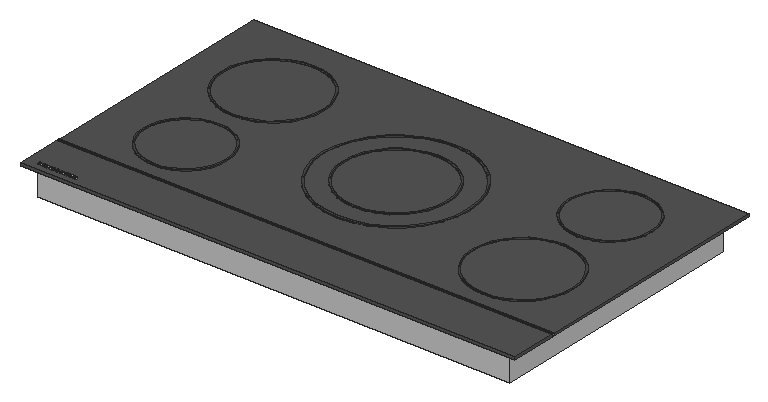
Revit family "FP_Revit_18_CI905DTB2_Cooktop_90000853A", category Specialty Equipment, Revit 2018
Family settings
  Round Connector Dimension = Use Diameter
  Part Type = Normal
  OmniClass Number = 23.40.40.14.17.11
  OmniClass Title = Cookers, Ovens, Stoves
  Work Plane-Based = No
  Always vertical = Yes
  Cut with Voids When Loaded = Yes
  Shared = No
  Room Calculation Point = No
Parameters
  Visibility - Clearance Required = yes
  URL = "www.fisherpaykel.com"
  Product - Width = 899 mm  # constant formula
  Product - Height = 54 mm  # constant formula
  Product - Depth = 530 mm  # constant formula
  Model = "CI905DTB2"
  Material - Trim = Fisher & Paykel - Steel, Chrome Plated
  Material - Graphics = Fisher & Paykel - Black, Matte
  Material - Cooktop = Fisher & Paykel - Glass, Black
  Material - Body = Fisher & Paykel - Grey
  Manufacturer = "Fisher & Paykel Appliances"
  FFL Offset [instance] = 900 mm
  Description = "90cm Induction Cooktop"
  Connector Note - Electrical = "220-240 V, 48 A, 50 Hz,"
  Clearance - Side Combustible = 25 mm  # constant formula
  Clearance - Rear Combustible = 30 mm  # constant formula
  Clearance - Overhead Rangehood = 650 mm  # constant formula
  Clearance - Below = 65 mm  # constant formula
  Chassis - Width = 858 mm  # constant formula
  Chassis - Height = 49 mm  # constant formula
  Chassis - Depth = 484 mm  # constant formula
  Cavity - Width = 870 mm  # constant formula
  Cavity - Height = 65 mm  # constant formula
  Cavity - Depth = 494 mm  # constant formula
Reference planes
  plane 1 "Datum": y = 0
  plane 2: z = 0
  plane 3 "Center (Left/Right)": x = 0
  plane 4 "Product LHS": x = -449.5
  plane 5 "Product RHS": x = 449.5
  plane 6 "Product - Depth": y = 530
  plane 7 "Cavity LHS": x = -435
  plane 8 "Cavity RHS": x = 435
  plane 9 "Cavity - Depth": y = 501.2
  plane 10 "Chassis Front": y = 13.2
  plane 11 "Chassis - Depth": y = 497.2
  plane 12 "Cavity - Front": y = 7.2
  plane 13 "Basepan": z = 851
  plane 14 "Benchtop": z = 900
  plane 15 "Glass": z = 905
Forms (mm)
  Extrusion 1, solid, material "Fisher & Paykel - Glass, Black" <- "Material - Cooktop"
    sketch origin (0, 0, 0) x (0, 1, 0) y (0, 0, 1)
      loop
        line (0, 905) -> (0, 901) -> (85, 901) -> (85, 905) -> (0, 905)
      loop
        line (530, 905) -> (88, 905) -> (88, 901) -> (530, 901) -> (530, 905)
    from -449.5 to 449.5
  Extrusion 2, solid, material "Fisher & Paykel - Clearance Required (Cutout)", visible <- "Visibility - Clearance Required", detail levels coarse
    sketch origin (0, 24.768, 0) x (1, 0, 0) y (0, 1, 0)
      loop
        line (-435, 476.432) -> (-435, -17.568) -> (435, -17.568) -> (435, 476.432) -> (-435, 476.432)
    from 835 to 900
  Extrusion 3, solid, material "Fisher & Paykel - Clearance Required (Rangehood)", detail levels coarse
    sketch origin (0, 0, 0) x (1, 0, 0) y (0, 1, 0)
      loop
        line (-460, 0) -> (460, 0) -> (460, 531.2) -> (-460, 531.2) -> (-460, 0)
    from 905 to 1555
  Extrusion 4, solid, material "Fisher & Paykel - Grey" <- "Material - Body"
    sketch origin (0, 0, 0) x (0, 1, 0) y (0, 0, 1)
      loop
        line (497.2, 851) -> (497.2, 900) -> (13.2, 900) -> (13.2, 851) -> (497.2, 851)
    from -429 to 429
  Extrusion 5, solid, material "Fisher & Paykel - Grey" <- "Material - Body"
    sketch origin (-151, 0, 0) x (1, 0, 0) y (0, 1, 0)
      loop
        line (-287, 520.2) -> (-287, 8.39) -> (589, 8.39) -> (589, 520.2) -> (-287, 520.2)
    from 900 to 901
  Extrusion 6, solid, material "Fisher & Paykel - Black, Matte" <- "Material - Graphics", detail levels fine
    sketch origin (0, 0, 0) x (1, 0, 0) y (0, 1, 0)
      loop
        circle (-300.063, 387.154) r 89.8
      loop
        circle (-300.063, 387.154) r 92
      loop
        circle (-300.063, 188.864) r 73.3
      loop
        circle (-300.063, 188.864) r 75.5
      loop
        circle (0.015, 291.641) r 130.985
      loop
        circle (0.015, 291.641) r 134.195
      loop
        circle (0.015, 291.641) r 92.736
      loop
        circle (0.015, 291.641) r 95.295
      loop
        circle (299.821, 403.763) r 73.415
      loop
        circle (299.821, 403.763) r 75.53
      loop
        circle (299.821, 205.353) r 89.789
      loop
        circle (299.821, 205.353) r 91.854
    from 905 to 906
  Extrusion 7, solid, material "Fisher & Paykel - Grey" <- "Material - Body", detail levels fine
    sketch origin (0, 0, 0) x (1, 0, 0) y (0, 1, 0)
      loop
        circle (0, 477.2) r 5
    from 845 to 851
  Extrusion 8, void
    sketch origin (0, 24.768, 0) x (1, 0, 0) y (0, 1, 0)
      loop
        line (-435, 476.432) -> (-435, -17.568) -> (435, -17.568) -> (435, 476.432) -> (-435, 476.432)
    from 835 to 900
  Extrusion 9, solid, material "Fisher & Paykel - Steel, Chrome Plated" <- "Material - Trim", detail levels medium+fine
    sketch origin (0, 0, 0) x (0, 1, 0) y (0, 0, 1)
      loop
        line (85, 901) -> (88, 901) -> (88, 906) -> (85, 906) -> (85, 901)
    from -449.5 to 449.5
Text (mm)
  text "Due to ongoing product development, product details are subject to change without notice. \nPlease always refer to www.fisherpaykel.com for the most current product information. \n© Fisher & Paykel 2020" at (41.04, -102.478, 0), in view "Ref. Level (Plan)"
Dimensions and locks
  equal spacing: plane 4 "Product LHS", plane 3 "Center (Left/Right)", plane 5 "Product RHS"
  "Product - Width": plane 4 "Product LHS" to plane 5 "Product RHS"
  equal spacing: plane 7 "Cavity LHS", plane 3 "Center (Left/Right)", plane 8 "Cavity RHS"
  "Cavity - Width": plane 7 "Cavity LHS" to plane 8 "Cavity RHS"
  "Product - Depth": Extrusion 1 to plane 1 "Datum"
  equal spacing: Extrusion 4, plane 3 "Center (Left/Right)", Extrusion 4
  "Chassis - Width": Extrusion 4 to Extrusion 4
  equal spacing: Extrusion 5, plane 3 "Center (Left/Right)", Extrusion 5
  locked: plane 1 "Datum" to plane 10 "Chassis Front" at 13.2
  plane 10 "Chassis Front" to plane 12 "Cavity - Front" = 6 mm
  "Cavity - Depth": plane 9 "Cavity - Depth" to plane 12 "Cavity - Front"
  "Chassis - Depth": plane 11 "Chassis - Depth" to plane 10 "Chassis Front"
  locked: plane 15 "Glass" to plane 14 "Benchtop" at 5
  "Chassis - Height": plane 14 "Benchtop" to plane 13 "Basepan"
  "FFL Offset": plane 14 "Benchtop" to level
  "Clearance - Below": plane 14 "Benchtop" to Extrusion 2
  locked: plane 15 "Glass" to Extrusion 1 sketch curve at 4
  locked: nested 1 to plane 15 "Glass" at 0.8
  locked: Extrusion 6 to plane 15 "Glass" at 1
  locked: Extrusion 7 to plane 14 "Benchtop" at 55
  "Clearance - Side Combustible": Extrusion 3 to plane 7 "Cavity LHS"
  "Clearance - Side Combustible": plane 8 "Cavity RHS" to Extrusion 3
  "Clearance - Rear Combustible": Extrusion 3 to plane 9 "Cavity - Depth"
  "Clearance - Overhead Rangehood": Extrusion 3 to plane 15 "Glass"
  locked: Extrusion 9 sketch curve to plane 15 "Glass" at 1
  aligned and locked: level to plane 2
  aligned and locked: Extrusion 1 to plane 5 "Product RHS"
  aligned and locked: plane 4 "Product LHS" to Extrusion 1
  aligned and locked: plane 9 "Cavity - Depth" to Extrusion 2
  aligned and locked: plane 11 "Chassis - Depth" to Extrusion 4
  aligned and locked: Extrusion 4 to Extrusion 5
  aligned and locked: Extrusion 7 to Extrusion 4
  aligned and locked: Extrusion 3 to plane 15 "Glass"
  aligned and locked: plane 14 "Benchtop" to Extrusion 2
  aligned and locked: Extrusion 1 sketch curve to plane 15 "Glass"
  aligned and locked: Extrusion 5 to Extrusion 2
  aligned and locked: Extrusion 4 to plane 13 "Basepan"
  aligned and locked: Extrusion 1 to Extrusion 6
  aligned and locked: Extrusion 8 to Extrusion 2  (x2)
  aligned and locked: Extrusion 3 to Extrusion 1
  aligned and locked: Extrusion 1 sketch curve to Extrusion 1 sketch curve
  aligned and locked: Extrusion 5 to Extrusion 1
Automatic sketch dimensions
  Extrusion 2 sketch curve to plane 12 "Cavity - Front" = 0 mm
  plane 9 "Cavity - Depth" to Extrusion 2 sketch curve = 0 mm
  plane 7 "Cavity LHS" to Extrusion 2 sketch curve = 0 mm
  Extrusion 2 sketch curve to plane 8 "Cavity RHS" = 0 mm
  plane 1 "Datum" to Extrusion 3 sketch curve = 0 mm
  plane 6 "Product - Depth" to Extrusion 3 sketch curve = 1.2 mm
  plane 4 "Product LHS" to Extrusion 3 sketch curve = 10.5 mm
  Extrusion 3 sketch curve to plane 5 "Product RHS" = 10.5 mm
  Extrusion 4 sketch curve to plane 10 "Chassis Front" = 0 mm
  Extrusion 4 sketch curve to plane 11 "Chassis - Depth" = 0 mm
  Extrusion 4 sketch curve to plane 13 "Basepan" = 0 mm
  Extrusion 4 sketch curve to plane 14 "Benchtop" = 0 mm
  plane 12 "Cavity - Front" to Extrusion 5 sketch curve = 1.189 mm
  plane 7 "Cavity LHS" to Extrusion 5 sketch curve = 3 mm
  Extrusion 5 sketch curve to plane 8 "Cavity RHS" = 3 mm
  Extrusion 5 sketch curve to plane 6 "Product - Depth" = 9.8 mm
  Extrusion 7 sketch curve to plane 3 "Center (Left/Right)" = 0 mm
  Extrusion 7 sketch curve to plane 11 "Chassis - Depth" = 20 mm
  Extrusion 8 sketch curve to plane 12 "Cavity - Front" = 0 mm
  plane 9 "Cavity - Depth" to Extrusion 8 sketch curve = 0 mm
  plane 7 "Cavity LHS" to Extrusion 8 sketch curve = 0 mm
  Extrusion 8 sketch curve to plane 8 "Cavity RHS" = 0 mm
  plane 10 "Chassis Front" to Extrusion 9 sketch curve = 71.8 mm
  Extrusion 9 sketch curve to Extrusion 9 sketch curve = 3 mm
  plane 14 "Benchtop" to Extrusion 9 sketch curve = 1 mm
  Extrusion 1 sketch curve to plane 1 "Datum" = 0 mm
  Extrusion 1 sketch curve to plane 15 "Glass" = 0 mm
  Extrusion 1 sketch curve to plane 6 "Product - Depth" = 0 mm
  plane 10 "Chassis Front" to Extrusion 1 sketch curve = 71.8 mm
  Extrusion 1 sketch curve to Extrusion 1 sketch curve = 3 mm
  Extrusion 6 sketch curve to Extrusion 6 sketch curve = 0 mm  (x14)
  Extrusion 6 sketch curve to plane 7 "Cavity LHS" = 134.937 mm  (x2)
  plane 3 "Center (Left/Right)" to Extrusion 6 sketch curve = 0.015 mm
  plane 8 "Cavity RHS" to Extrusion 6 sketch curve = 135.179 mm  (x2)
  plane 10 "Chassis Front" to Extrusion 6 sketch curve = 175.664 mm
  plane 10 "Chassis Front" to Extrusion 6 sketch curve = 192.153 mm
  plane 10 "Chassis Front" to Extrusion 6 sketch curve = 278.441 mm
  Extrusion 6 sketch curve to plane 11 "Chassis - Depth" = 110.046 mm
  Extrusion 6 sketch curve to plane 11 "Chassis - Depth" = 93.437 mm
  radius of Extrusion 7 sketch curve = 5 mm
  radius of Extrusion 6 sketch curve = 89.8 mm
  radius of Extrusion 6 sketch curve = 92 mm
  radius of Extrusion 6 sketch curve = 73.3 mm
  radius of Extrusion 6 sketch curve = 75.5 mm
  radius of Extrusion 6 sketch curve = 130.985 mm
  radius of Extrusion 6 sketch curve = 134.195 mm
  radius of Extrusion 6 sketch curve = 92.736 mm
  radius of Extrusion 6 sketch curve = 95.295 mm
  radius of Extrusion 6 sketch curve = 73.415 mm
  radius of Extrusion 6 sketch curve = 75.53 mm
  radius of Extrusion 6 sketch curve = 89.789 mm
  radius of Extrusion 6 sketch curve = 91.854 mm
Nested families
  nested 1: "F&P Logo 70mm Horizontal" at (-394.001, 14.253, 905), type "F&P Logo 70mm Horizontal"
Connectors
  electrical at (0, 477.2, 845), driven by "Connector Note - Electrical"
    settings: on Extrusion 7, index 1, voltage 230 V, apparent load 0 VA, apparent load phase1 0 VA, apparent load phase2 0 VA, apparent load phase3 0 VA, power factor 1, load classification "Other", number of poles 1, system type 30, power factor state 1, is connector primary yes, connector utility no, sub classification motor no, connector description "220-240 V, 48 A, 50 Hz,"
Definition of nested family "F&P Logo 70mm Horizontal"
  Parameters (values of type "F&P Logo 70mm Horizontal")
    URL = "www.fisherpaykel.com"
    Material - Logo = none
    Manufacturer = "Fisher & Paykel Appliances"
  Reference planes
    plane 1 "Center (Front/Back)": y = 0
    plane 2: z = 0
    plane 3 "Center (Left/Right)": x = 0
  Forms (mm)
    Extrusion 1, solid, material <- "Material - Logo", detail levels fine
      sketch origin (0, 0, 0) x (1, 0, 0) y (0, 1, 0)
        loop
          line (-34.997, -0.356) -> (-33.895, -0.356) -> (-33.895, 1.141) -> (-32.174, 1.141) -> (-32.174, 2.075) -> (-33.895, 2.075) -> (-33.895, 2.943) -> (-32.023, 2.943) -> (-32.023, 3.872) -> (-34.997, 3.872) -> (-34.997, -0.356)
        loop
          line (-29.929, 3.872) -> (-29.929, -0.356) -> (-28.828, -0.356) -> (-28.828, 3.872) -> (-29.929, 3.872)
        loop
          line (-21.473, 3.872) -> (-21.473, -0.356) -> (-20.372, -0.356) -> (-20.372, 1.338) -> (-18.754, 1.338) -> (-18.754, -0.356) -> (-17.652, -0.356) -> (-17.652, 3.872) -> (-18.754, 3.872) -> (-18.754, 2.268) -> (-20.372, 2.268) -> (-20.372, 3.872) -> (-21.473, 3.872)
        loop
          line (-15.301, 3.872) -> (-15.301, -0.356) -> (-12.288, -0.356) -> (-12.288, 0.444) -> (-14.209, 0.444) -> (-14.209, 1.338) -> (-12.453, 1.338) -> (-12.453, 2.268) -> (-14.209, 2.268) -> (-14.209, 3.072) -> (-12.288, 3.072) -> (-12.288, 3.872) -> (-15.301, 3.872)
        loop
          line (32, 3.872) -> (32, -0.356) -> (35.003, -0.356) -> (35.003, 0.574) -> (33.102, 0.574) -> (33.102, 3.872) -> (32, 3.872)
        loop
          line (29.735, 3.872) -> (26.712, 3.872) -> (26.712, -0.356) -> (29.735, -0.356) -> (29.735, 0.444) -> (27.814, 0.444) -> (27.814, 1.338) -> (29.57, 1.338) -> (29.57, 2.268) -> (27.814, 2.268) -> (27.814, 3.072) -> (29.735, 3.072) -> (29.735, 3.872)
        loop
          line (23.449, 1.848) -> (25.012, 3.872) -> (23.724, 3.872) -> (22.374, 2.124) -> (22.374, 3.872) -> (21.273, 3.872) -> (21.273, -0.356) -> (22.374, -0.356) -> (22.374, 1.538) -> (23.765, -0.356) -> (25.067, -0.356) -> (23.449, 1.848)
        loop
          line (15.42, 3.872) -> (17.017, 1.338) -> (17.017, -0.356) -> (18.119, -0.356) -> (18.119, 1.283) -> (19.717, 3.872) -> (18.546, 3.872) -> (17.603, 2.239) -> (16.66, 3.872) -> (15.42, 3.872)
        loop
          line (12.969, 3.872) -> (11.922, 3.872) -> (10.2, -0.356) -> (11.282, -0.356) -> (11.585, 0.422) -> (13.278, 0.422) -> (13.581, -0.356) -> (14.69, -0.356) -> (12.969, 3.872)
        loop
          line (12.913, 1.352) -> (12.419, 2.566) -> (11.946, 1.352) -> (12.913, 1.352)
        loop
          line (5.556, 3.872) -> (5.556, -0.356) -> (6.653, -0.356) -> (6.653, 1.001) -> (7.453, 1.001)
          spline (7.453, 1.001) -> (7.884, 1.05) -> (8.285, 1.193) -> (8.63, 1.421) -> (8.895, 1.719) -> (9.061, 2.065) -> (9.118, 2.436) -> (9.061, 2.808) -> (8.895, 3.154) -> (8.63, 3.452) -> (8.285, 3.68) -> (7.884, 3.823) -> (7.453, 3.872)
          line (7.453, 3.872) -> (5.556, 3.872)
        loop
          spline (7.385, 1.882) -> (7.558, 1.9) -> (7.72, 1.953) -> (7.858, 2.037) -> (7.965, 2.147) -> (8.032, 2.275) -> (8.055, 2.412) -> (8.032, 2.55) -> (7.965, 2.677) -> (7.858, 2.787) -> (7.72, 2.872) -> (7.558, 2.924) -> (7.385, 2.943)
          line (7.385, 2.943) -> (6.585, 2.943) -> (6.585, 1.882) -> (7.385, 1.882)
        loop
          line (-8.294, 2.943) -> (-9.094, 2.943) -> (-9.094, 1.781) -> (-8.294, 1.781)
          spline (-8.294, 1.781) -> (-8.121, 1.801) -> (-7.96, 1.859) -> (-7.822, 1.951) -> (-7.716, 2.072) -> (-7.649, 2.212) -> (-7.626, 2.362) -> (-7.649, 2.512) -> (-7.716, 2.652) -> (-7.822, 2.772) -> (-7.96, 2.865) -> (-8.121, 2.923) -> (-8.294, 2.943)
        loop
          line (-8.214, 3.872) -> (-10.262, 3.872) -> (-10.262, -0.356) -> (-9.094, -0.356) -> (-9.094, 0.492) -> (-8.294, 0.492) -> (-7.647, -0.356) -> (-6.373, -0.356) -> (-7.445, 1.016)
          spline (-7.445, 1.016) -> (-7.148, 1.205) -> (-6.902, 1.45) -> (-6.72, 1.739) -> (-6.611, 2.058) -> (-6.58, 2.391) -> (-6.628, 2.723) -> (-6.754, 3.037) -> (-6.95, 3.317) -> (-7.208, 3.551) -> (-7.515, 3.726) -> (-7.856, 3.835) -> (-8.214, 3.872)
        loop
          line (0.368, 2.943) -> (0.368, 3.951) -> (-2.559, 3.951) -> (-2.559, 3.151) -> (-2.048, 2.522)
          spline (-2.048, 2.522) -> (-2.373, 2.187) -> (-2.606, 1.789) -> (-2.731, 1.355) -> (-2.74, 0.914) -> (-2.632, 0.497) -> (-2.414, 0.133) -> (-2.102, -0.155) -> (-1.716, -0.347) -> (-1.283, -0.429) -> (-0.832, -0.395) -> (-0.395, -0.249) -> (0, 0)
          line (0, 0) -> (0.504, -0.621) -> (1.644, -0.621) -> (0.602, 0.712) -> (1.591, 2.137) -> (0.459, 2.137) -> (0.003, 1.48) -> (-1.14, 2.943) -> (0.368, 2.943)
        loop
          spline (-1.353, 1.874) -> (-1.563, 1.673) -> (-1.729, 1.449) -> (-1.839, 1.217) -> (-1.886, 0.992) -> (-1.867, 0.792) -> (-1.783, 0.627) -> (-1.639, 0.511) -> (-1.447, 0.451) -> (-1.218, 0.451) -> (-0.968, 0.512) -> (-0.714, 0.628) -> (-0.475, 0.792)
          line (-0.475, 0.792) -> (-1.353, 1.874)
        loop
          arc (-25.449, 3.004) -> (-24.591, 2.949) -> (-23.808, 2.592) r 2.379
          line (-23.808, 2.592) -> (-23.808, 3.586)
          arc (-23.808, 3.586) -> (-24.619, 3.915) -> (-25.494, 3.936) r 2.437
          arc (-25.494, 3.936) -> (-26.617, 2.99) -> (-26.18, 1.588) r 1.327
          arc (-26.18, 1.588) -> (-25.746, 1.367) -> (-25.276, 1.236) r 2.46
          spline (-25.276, 1.236) -> (-25.124, 1.211) -> (-24.98, 1.158) -> (-24.856, 1.083) -> (-24.761, 0.989) -> (-24.703, 0.886) -> (-24.686, 0.78) -> (-24.713, 0.681) -> (-24.78, 0.596) -> (-24.882, 0.532) -> (-25.011, 0.494) -> (-25.158, 0.485) -> (-25.311, 0.505)
          arc (-25.311, 0.505) -> (-26.045, 0.647) -> (-26.714, 0.98) r 2.761
          line (-26.714, 0.98) -> (-26.714, -0.067)
          arc (-26.714, -0.067) -> (-25.66, -0.377) -> (-24.564, -0.318) r 3.237
          arc (-24.564, -0.318) -> (-23.597, 0.72) -> (-24.205, 2.002) r 1.263
          arc (-24.205, 2.002) -> (-24.834, 2.249) -> (-25.488, 2.42) r 5.78
          spline (-25.488, 2.42) -> (-25.537, 2.449) -> (-25.58, 2.49) -> (-25.615, 2.541) -> (-25.639, 2.6) -> (-25.653, 2.664) -> (-25.654, 2.73) -> (-25.644, 2.795) -> (-25.622, 2.856) -> (-25.59, 2.909) -> (-25.549, 2.953) -> (-25.502, 2.985) -> (-25.449, 3.004)
      from 0 to 0.8
  Dimensions and locks
    Extrusion 1 sketch curve to Extrusion 1 sketch curve = 70 mm
    aligned and locked: level to plane 2
